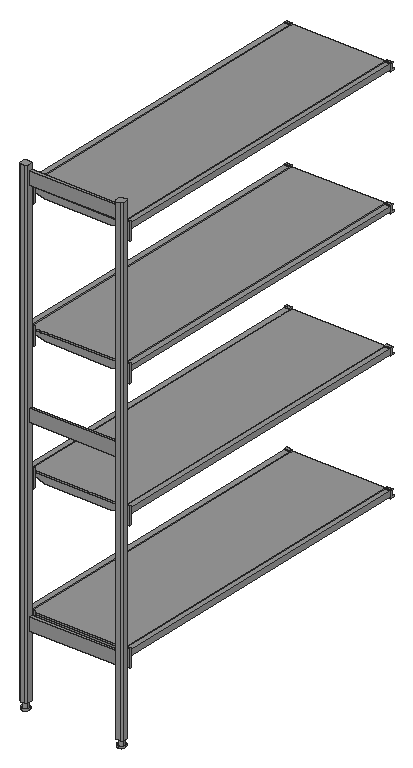
Revit family "QF_ELECTROLUXPROFESSIONAL_137055_ACS1184", category Attrezzature speciali, Revit 2020
Family settings
  Quota connettore circolare = Usa diametro
  Tipo di parte = Normale
  Basato su piano di lavoro = No
  Sempre verticale = Sì
  Taglio con vuoti quando caricato = No
  Condiviso = No
  Punto di calcolo locali = No
Parameters (values of type "Standard")
  Weight = 19.00 kg
  Watts = 0 W
  Volts = 0 V
  URL Manufacturer = "https://www.electroluxprofessional.com/"
  URL = "https://www.electroluxprofessional.com/"
  Steam Supply Size = 0 mm
  Steam Supply Minimum Pressure = 0.0 Pa
  Steam Supply Maximum Pressure = 0.0 Pa
  Steam Consumption per Hour = 0
  Refrigeration Suction Line Size = 0.0 mm
  Refrigeration Liquid Line Size = 0.0 mm
  Refrigerant Compressor Remote = yes
  Prospetto di default = 0.0 mm
  Phase = 0
  Modello = "ACS1184"
  Produttore = "Electrolux Professional"
  Length Actual = 1188.0 mm  # constant formula
  Item Number = "137055"
  Hot Water Size = 0 mm
  Height Actual = 1700.0 mm  # constant formula
  HP = "0 HP"
  Gas Size = 0 mm
  Gas KW = 0
  Gas Input Pressure = 0 W
  Direct Waste Size = 0 mm
  Descrizione = "ALUM.CORNER SHELV.-POLY.TIERS-373X1188MM"
  Depth Actual = 373.0 mm  # constant formula
  Cycle = 0 Hz
  Condensate Return Size = 0 mm
  Compressed Air Volume = 0.0 L/s
  Compressed Air Size = 0 mm
  Compressed Air Pressure = 0.0 Pa
  Cold Water Size = 0 mm
  Accessory = yes
Reference planes
  plane 1: z = 0
  plane 2 "Center (F/B)": y = -163.5
  plane 3 "Front": y = -549.5
  plane 4 "Left": x = -217.5
  plane 5 "Right": x = 155.5
  plane 6 "TOP": z = 1700
  plane 7: y = -517.5
  plane 8: y = 634.5
  plane 9 "Center (Left/Right)": x = -31
  plane 10: y = 629.5
  plane 11: x = -186
  plane 12: x = 124
  plane 13 "FEET": z = 25
  plane 14: z = 275
  plane 15: z = 725
  plane 16: z = 1175
  plane 17: z = 1625
  plane 18 "CXLeft": y = -535.5
  plane 19: x = -200
  plane 20 "CYBack": x = -200
  plane 21 "CYFront": x = 138
  plane 22 "Back": y = 638.5
  plane 23 "LEFT_ORIGIN": x = -251.5
  plane 24 "BACK_Origin": y = 1011.5
Forms (mm)
  Extrusion 1, solid, material "QF_Aluminum"
    sketch origin (0, -549.5, 0) x (-1, 0, 0) y (0, 0, 1)
      loop
        line (198.5, 1650.994) -> (198.5, 1632.998) -> (217.5, 1632.998) -> (217.5, 1650.994) -> (198.5, 1650.994)
      loop
        line (-136.5, 1650.994) -> (-155.5, 1650.994) -> (-155.5, 1632.998) -> (-136.5, 1632.998) -> (-136.5, 1650.994)
      loop
        line (198.5, 1200.994) -> (198.5, 1182.998) -> (217.5, 1182.998) -> (217.5, 1200.994) -> (198.5, 1200.994)
      loop
        line (-136.5, 1200.994) -> (-155.5, 1200.994) -> (-155.5, 1182.998) -> (-136.5, 1182.998) -> (-136.5, 1200.994)
      loop
        line (198.5, 750.994) -> (198.5, 732.998) -> (217.5, 732.998) -> (217.5, 750.994) -> (198.5, 750.994)
      loop
        line (-136.5, 750.994) -> (-155.5, 750.994) -> (-155.5, 732.998) -> (-136.5, 732.998) -> (-136.5, 750.994)
      loop
        line (198.5, 300.994) -> (198.5, 282.998) -> (217.5, 282.998) -> (217.5, 300.994) -> (198.5, 300.994)
      loop
        line (-136.5, 300.994) -> (-155.5, 300.994) -> (-155.5, 282.998) -> (-136.5, 282.998) -> (-136.5, 300.994)
    from 32 to 1184
  Extrusion 2, solid, material "QF_Polyethylene"
    sketch origin (0, -549.5, 0) x (-1, 0, 0) y (0, 0, 1)
      loop
        line (196.507, 1650.994) -> (-134.5, 1650.994) -> (-134.5, 1644.496) -> (196.507, 1644.496) -> (196.507, 1650.994)
      loop
        line (196.507, 1200.994) -> (-134.5, 1200.994) -> (-134.5, 1194.496) -> (196.507, 1194.496) -> (196.507, 1200.994)
      loop
        line (196.507, 750.994) -> (-134.5, 750.994) -> (-134.5, 744.496) -> (196.507, 744.496) -> (196.507, 750.994)
      loop
        line (196.507, 300.994) -> (-134.5, 300.994) -> (-134.5, 294.496) -> (196.507, 294.496) -> (196.507, 300.994)
    from 32 to 1184
Lines and regions (mm)
  symbolic lines
    curve 1: line (-198.5, 634.5, 1700) -> (-198.5, -517.5, 1700)
    curve 2: line (-217.5, -521.5, 1700) -> (-217.5, 634.5, 1700)
    curve 3: line (155.5, -521.5, 1700) -> (155.5, 634.5, 1700)
    curve 4: line (-181.507, -517.5, 1700) -> (119.507, -517.5, 1700)
    curve 5: line (136.5, -517.5, 1700) -> (136.5, 634.5, 1700)
    curve 6: line (-198.5, 634.5, 1700) -> (136.5, 634.5, 1700)
Dimensions and locks
  plane 3 "Front" to plane 2 "Center (F/B)" = 386.0 mm
  locked: plane 6 "TOP" to level at 1700
  locked: plane 4 "Left" to plane 5 "Right" at 373
  locked: plane 7 to plane 8 at 1152
  locked: plane 3 "Front" to plane 7 at 32
  plane 10 to plane 8 = 5.0 mm
  locked: plane 11 to plane 12 at 310
  equal spacing: plane 11, plane 9 "Center (Left/Right)", plane 12
  equal spacing: plane 4 "Left", plane 9 "Center (Left/Right)", plane 5 "Right"
  plane 13 "FEET" to level = 25.0 mm
  plane 6 "TOP" to plane 13 "FEET" = 1675.0 mm
  plane 14 to plane 13 "FEET" = 250.0 mm
  plane 15 to plane 14 = 450.0 mm
  plane 16 to plane 15 = 450.0 mm
  plane 17 to plane 16 = 450.0 mm
  locked: plane 3 "Front" to plane 18 "CXLeft" at 14
  locked: plane 3 "Front" to plane 22 "Back" at 1188
  plane 23 "LEFT_ORIGIN" to plane 5 "Right" = 407.0 mm
  locked: plane 22 "Back" to plane 24 "BACK_Origin" at 373
  aligned and locked: level to plane 1
  aligned and locked: Extrusion 2 to plane 7
  aligned and locked: plane 8 to Extrusion 2
  aligned and locked: Extrusion 1 to plane 7
  aligned and locked: plane 8 to Extrusion 1
  aligned and locked: Extrusion 1 sketch curve to Extrusion 1 sketch curve  (x2)
  aligned and locked: nested 1 to plane 18 "CXLeft"
  aligned and locked: nested 2 to plane 10
Automatic sketch dimensions
  curve 2 to plane 4 "Left" = 0.0 mm
  curve 3 to plane 5 "Right" = 0.0 mm
  plane 7 to curve 1 = 0.0 mm
  plane 7 to curve 4 = 0.0 mm
  plane 7 to curve 5 = 0.0 mm
  plane 8 to curve 2 = 0.0 mm
  plane 8 to curve 1 = 0.0 mm
  plane 8 to curve 3 = 0.0 mm
  plane 21 "CYFront" to curve 5 = 1.5 mm
  plane 19 to curve 6 = 1.5 mm
  plane 7 to curve 3 = 4.0 mm
  plane 7 to curve 2 = 4.0 mm
  plane 12 to curve 4 = 4.493 mm
  curve 4 to plane 11 = 4.493 mm
  plane 5 "Right" to Extrusion 1 sketch curve = 0.0 mm  (x4)
  plane 4 "Left" to Extrusion 1 sketch curve = 0.0 mm  (x4)
  plane 21 "CYFront" to Extrusion 1 sketch curve = 1.5 mm  (x2)
  plane 19 to Extrusion 1 sketch curve = 1.5 mm  (x4)
  plane 14 to Extrusion 1 sketch curve = 7.998 mm  (x2)
  Extrusion 1 sketch curve to Extrusion 1 sketch curve = 17.997 mm  (x8)
  plane 15 to Extrusion 1 sketch curve = 7.998 mm  (x2)
  plane 16 to Extrusion 1 sketch curve = 7.998 mm  (x2)
  plane 17 to Extrusion 1 sketch curve = 7.998 mm  (x2)
  plane 21 "CYFront" to Extrusion 2 sketch curve = 3.5 mm  (x4)
  plane 19 to Extrusion 2 sketch curve = 3.493 mm  (x4)
  plane 14 to Extrusion 2 sketch curve = 19.496 mm
  Extrusion 2 sketch curve to Extrusion 2 sketch curve = 6.499 mm  (x4)
  plane 15 to Extrusion 2 sketch curve = 19.496 mm
  plane 16 to Extrusion 2 sketch curve = 19.496 mm
  plane 17 to Extrusion 2 sketch curve = 19.496 mm
Nested families
  nested 1: "WT_Anta373" at (-194.5, -132.5, 0) x (0, 1, 0) z (0, 0, 1), type "WT_Anta373"
  nested 2: "WT_Aggancio373" at (-194.5, 1046.5, 0) x (0, 1, 0) z (0, 0, 1), type "WT_Aggancio373"
Definition of nested family "WT_Anta373"
  Parameters
    WidthLeft = A + 64.0 mm  # 772.0 mm
    Width = 1606.0 mm
    Right = WidthLeft / 2  # 386.0 mm
    Default Elevation = 0.0 mm
    Left = -WidthLeft / 2  # -386.0 mm
    Height = 1725.0 mm
    FEET = 25.0 mm
    E = 0.0 mm
    Dint = Depth - 63.0 mm  # 310.0 mm
    Dext = Depth - 8.0 mm  # 365.0 mm
    Depth = 373.0 mm
    DX = (WidthLeft - A) / 2  # 32.0 mm
    B = 798.0 mm
    A = 708.0 mm
  Reference planes
    plane 1: z = 0
    plane 2 "LEFT": x = -417
    plane 3 "BACK": y = 23
    plane 4 "FRONT": y = -350
    plane 5 "TOP": z = 1725
    plane 6 "Center (Front/Back)": y = -163.5
    plane 7: y = -8.5
    plane 8: y = -318.5
    plane 9 "FEET": z = 25
    plane 10: z = 275
    plane 11: z = 725
    plane 12: z = 1175
    plane 13: z = 1625
    plane 14 "CXLeft": x = -403
    plane 15: y = 5.5
    plane 16 "CYBack": y = 5.5
    plane 17 "CYFront": y = -332.5
    plane 18: x = -385.031
    plane 19: x = -380.031
  Forms (mm)
    Extrusion 1, solid
      sketch origin (0, 0, 0) x (1, 0, 0) y (0, 1, 0)
        loop
          line (-417, 13.246) -> (-417, -2.246) -> (-410.746, -8.5) -> (-395.254, -8.5) -> (-389, -2.246) -> (-389, 13.246) -> (-395.254, 19.5) -> (-410.746, 19.5) -> (-417, 13.246)
      from 1725 to 25
    Extrusion 2, solid
      sketch origin (-417, 0, 0) x (0, 1, 0) y (0, 0, 1)
        loop
          line (23, 246.005) -> (23, 307.993) -> (-12.993, 307.993) -> (-12.993, 246.005) -> (23, 246.005)
        loop
          line (-350, 246.005) -> (-314.007, 246.005) -> (-314.007, 307.993) -> (-350, 307.993) -> (-350, 246.005)
        loop
          line (23, 696.005) -> (23, 757.993) -> (-12.993, 757.993) -> (-12.993, 696.005) -> (23, 696.005)
        loop
          line (-350, 696.005) -> (-314.007, 696.005) -> (-314.007, 757.993) -> (-350, 757.993) -> (-350, 696.005)
        loop
          line (23, 1146.005) -> (23, 1207.993) -> (-12.993, 1207.993) -> (-12.993, 1146.005) -> (23, 1146.005)
        loop
          line (-350, 1146.005) -> (-314.007, 1146.005) -> (-314.007, 1207.993) -> (-350, 1207.993) -> (-350, 1146.005)
        loop
          line (23, 1596.005) -> (23, 1657.993) -> (-12.993, 1657.993) -> (-12.993, 1596.005) -> (23, 1596.005)
        loop
          line (-350, 1596.005) -> (-314.007, 1596.005) -> (-314.007, 1657.993) -> (-350, 1657.993) -> (-350, 1596.005)
      from 28 to 32
    Revolve 3, solid
      sketch origin (-403, 0, 0) x (0, 1, 0) y (0, 0, 1)
        loop
          line (5.5, 25) -> (5.5, 0) -> (19, 0) -> (19, 5) -> (14, 5) -> (14, 25) -> (5.5, 25)
        axis (5.5, 25) -> (5.5, 0)
      angle from 0 to 360
    Extrusion 4, solid
      sketch origin (-403, 0, 0) x (0, 1, 0) y (0, 0, 1)
        loop
          line (-8.5, 912.382) -> (-8.5, 957.374) -> (-318.5, 957.374) -> (-318.5, 912.382) -> (-8.5, 912.382)
        loop
          line (-8.5, 1662.244) -> (-8.5, 1707.236) -> (-318.5, 1707.236) -> (-318.5, 1662.244) -> (-8.5, 1662.244)
      from -5 to 5
    Revolve 5, solid
      sketch origin (-403, -627, 0) x (0, -1, 0) y (0, 0, 1)
        loop
          line (-294.5, 25) -> (-294.5, 0) -> (-281, 0) -> (-281, 5) -> (-286, 5) -> (-286, 25) -> (-294.5, 25)
        axis (-294.5, 25) -> (-294.5, 0)
      angle from 0 to 360
    Extrusion 6, solid
      sketch origin (0, -627, 0) x (1, 0, 0) y (0, 1, 0)
        loop
          line (-417, 286.754) -> (-410.746, 280.5) -> (-395.254, 280.5) -> (-389, 286.754) -> (-389, 302.246) -> (-395.254, 308.5) -> (-410.746, 308.5) -> (-417, 302.246) -> (-417, 286.754)
      from 1725 to 25
    Extrusion 7, solid
      sketch origin (-417.031, -0.022, 0) x (0, 1, 0) y (0, 0, -1)
        loop
          line (-12, -1632.998) -> (-46, -1620.994) -> (-281, -1620.994) -> (-315, -1632.998) -> (-331, -1632.998) -> (-331, -1650.994) -> (-329, -1650.994) -> (-329, -1644.496) -> (2.007, -1644.496) -> (2.007, -1650.994) -> (4, -1650.994) -> (4, -1632.998) -> (-12, -1632.998)
        loop
          line (-12, -1182.998) -> (-46, -1170.994) -> (-281, -1170.994) -> (-315, -1182.998) -> (-331, -1182.998) -> (-331, -1200.994) -> (-329, -1200.994) -> (-329, -1194.496) -> (2.007, -1194.496) -> (2.007, -1200.994) -> (4, -1200.994) -> (4, -1182.998) -> (-12, -1182.998)
        loop
          line (-12, -732.998) -> (-46, -720.994) -> (-281, -720.994) -> (-315, -732.998) -> (-331, -732.998) -> (-331, -750.994) -> (-329, -750.994) -> (-329, -744.496) -> (2.007, -744.496) -> (2.007, -750.994) -> (4, -750.994) -> (4, -732.998) -> (-12, -732.998)
        loop
          line (-12, -282.998) -> (-46, -270.994) -> (-281, -270.994) -> (-315, -282.998) -> (-331, -282.998) -> (-331, -300.994) -> (-329, -300.994) -> (-329, -294.496) -> (2.007, -294.496) -> (2.007, -300.994) -> (4, -300.994) -> (4, -282.998) -> (-12, -282.998)
      from -32 to -37
    Extrusion 8, solid
      sketch origin (-403, 0, -659.878) x (0, 1, 0) y (0, 0, 1)
        loop
          line (-8.5, 912.382) -> (-8.5, 957.374) -> (-318.5, 957.374) -> (-318.5, 912.382) -> (-8.5, 912.382)
        loop
          line (-8.5, 1572.382) -> (-8.5, 1617.374) -> (-318.5, 1617.374) -> (-318.5, 1572.382) -> (-8.5, 1572.382)
        loop
          line (-8.5, 2322.382) -> (-8.5, 2367.374) -> (-318.5, 2367.374) -> (-318.5, 2322.382) -> (-8.5, 2322.382)
      from -5 to 5
  Lines and regions (mm)
    symbolic lines
      curve 1: line (-408, -8.5, 1725) -> (-408, -318.5, 1725)
      curve 2: line (-398, -318.5, 1725) -> (-398, -8.5, 1725)
      curve 3: line (-395.254, -8.5, 1725) -> (-410.746, -8.5, 1725)
      curve 4: line (-417, -2.246, 1725) -> (-410.746, -8.5, 1725)
      curve 5: line (-417, 13.246, 1725) -> (-417, -2.246, 1725)
      curve 6: line (-410.746, 19.5, 1725) -> (-417, 13.246, 1725)
      curve 7: line (-395.254, 19.5, 1725) -> (-410.746, 19.5, 1725)
      curve 8: line (-389, 13.246, 1725) -> (-395.254, 19.5, 1725)
      curve 9: line (-395.254, -8.5, 1725) -> (-389, -2.246, 1725)
      curve 10: line (-395.254, -318.5, 1725) -> (-410.746, -318.5, 1725)
      curve 11: line (-417, -324.754, 1725) -> (-410.746, -318.5, 1725)
      curve 12: line (-410.746, -346.5, 1725) -> (-417, -340.246, 1725)
      curve 13: line (-395.254, -346.5, 1725) -> (-410.746, -346.5, 1725)
      curve 14: line (-389, -340.246, 1725) -> (-395.254, -346.5, 1725)
      curve 15: line (-395.254, -318.5, 1725) -> (-389, -324.754, 1725)
      curve 16: line (-389, -350, 1725) -> (-389, -314.007, 1725)
      curve 17: line (-389, -314.007, 1725) -> (-385, -314.007, 1725)
      curve 18: line (-389, 23, 1725) -> (-389, -12.993, 1725)
      curve 19: line (-389, -12.993, 1725) -> (-385, -12.993, 1725)
      curve 20: line (-417, -324.754, 1725) -> (-417, -340.246, 1725)
      curve 21: line (-385, -350, 1725) -> (-385, -314.007, 1725)
      curve 22: line (-385, -350, 1725) -> (-389, -350, 1725)
      curve 23: line (-385, 23, 1725) -> (-389, 23, 1725)
      curve 24: line (-385, -12.993, 1725) -> (-385, 23, 1725)
      curve 25: line (-385.031, -13.016, 1725) -> (-385.031, -314.029, 1725)
  Dimensions and locks
    "Height": plane 5 "TOP" to level
    "Depth": plane 3 "BACK" to plane 4 "FRONT"
    "Dint": plane 7 to plane 8
    equal spacing: plane 7, plane 6 "Center (Front/Back)", plane 8
    equal spacing: plane 3 "BACK", plane 6 "Center (Front/Back)", plane 4 "FRONT"
    plane 9 "FEET" to level = 25.0 mm
    plane 5 "TOP" to plane 9 "FEET" = 1700.0 mm
    plane 10 to plane 9 "FEET" = 250.0 mm
    plane 11 to plane 10 = 450.0 mm
    plane 12 to plane 11 = 450.0 mm
    plane 13 to plane 12 = 450.0 mm
    locked: plane 2 "LEFT" to plane 14 "CXLeft" at 14
    locked: plane 3 "BACK" to plane 16 "CYBack" at 17.5
    locked: plane 17 "CYFront" to plane 4 "FRONT" at 17.5
    locked: Revolve 3 sketch curve to Revolve 3 sketch curve at 8.5
    locked: Revolve 3 sketch curve to plane 16 "CYBack" at 13.5
    locked: Revolve 5 sketch curve to Revolve 5 sketch curve at 8.5
    aligned and locked: level to plane 1
    aligned and locked: curve 20 to Extrusion 6
    aligned and locked: plane 5 "TOP" to Extrusion 1
    aligned and locked: plane 5 "TOP" to Extrusion 6
    aligned and locked: Extrusion 7 sketch curve to Extrusion 7 sketch curve  (x3)
  Automatic sketch dimensions
    curve 16 to plane 4 "FRONT" = 0.0 mm
    curve 11 to plane 8 = 0.0 mm
    curve 9 to plane 7 = 0.0 mm
    curve 5 to plane 2 "LEFT" = 0.0 mm
    curve 23 to plane 3 "BACK" = 0.0 mm
    plane 4 "FRONT" to curve 13 = 3.5 mm
    curve 20 to plane 17 "CYFront" = 7.746 mm
    curve 20 to plane 8 = 6.254 mm
    plane 8 to curve 16 = 4.493 mm
    curve 24 to plane 18 = 0.031 mm
    curve 24 to plane 7 = 4.493 mm
    plane 7 to curve 5 = 6.254 mm
    curve 5 to plane 15 = 7.746 mm
    curve 6 to plane 3 "BACK" = 3.5 mm
    curve 21 to plane 18 = 0.031 mm
    plane 18 to curve 23 = 3.969 mm
    plane 18 to curve 16 = 3.969 mm
    curve 18 to curve 8 = 6.254 mm
    curve 18 to curve 3 = 6.254 mm
    curve 16 to curve 13 = 6.254 mm
    curve 16 to curve 15 = 6.254 mm
    plane 2 "LEFT" to curve 10 = 6.254 mm
    plane 2 "LEFT" to curve 7 = 6.254 mm
    plane 2 "LEFT" to curve 12 = 6.254 mm
    plane 2 "LEFT" to curve 3 = 6.254 mm
    curve 14 to plane 17 "CYFront" = 7.746 mm
    curve 15 to plane 8 = 6.254 mm
    plane 7 to curve 9 = 6.254 mm
    curve 8 to plane 15 = 7.746 mm
    curve 3 to curve 2 = 2.746 mm
    curve 1 to curve 10 = 2.746 mm
    Extrusion 1 sketch curve to plane 2 "LEFT" = 0.0 mm
    Extrusion 1 sketch curve to plane 7 = 0.0 mm
    plane 2 "LEFT" to Extrusion 1 sketch curve = 6.254 mm  (x2)
    plane 14 "CXLeft" to Extrusion 1 sketch curve = 7.746 mm  (x2)
    Extrusion 1 sketch curve to plane 3 "BACK" = 3.5 mm
    plane 18 to Extrusion 1 sketch curve = 3.969 mm
    plane 7 to Extrusion 1 sketch curve = 6.254 mm  (x2)
    Extrusion 1 sketch curve to plane 15 = 7.746 mm  (x2)
    Extrusion 2 sketch curve to plane 4 "FRONT" = 0.0 mm  (x4)
    Extrusion 2 sketch curve to plane 3 "BACK" = 0.0 mm  (x4)
    plane 8 to Extrusion 2 sketch curve = 4.493 mm  (x4)
    Extrusion 2 sketch curve to plane 7 = 4.493 mm  (x4)
    Extrusion 2 sketch curve to plane 10 = 28.995 mm  (x2)
    plane 10 to Extrusion 2 sketch curve = 32.993 mm  (x2)
    Extrusion 2 sketch curve to plane 11 = 28.995 mm  (x2)
    plane 11 to Extrusion 2 sketch curve = 32.993 mm  (x2)
    Extrusion 2 sketch curve to plane 12 = 28.995 mm  (x2)
    plane 12 to Extrusion 2 sketch curve = 32.993 mm  (x2)
    Extrusion 2 sketch curve to plane 13 = 28.995 mm  (x2)
    plane 13 to Extrusion 2 sketch curve = 32.993 mm  (x2)
    Revolve 3 sketch curve to plane 9 "FEET" = 0.0 mm  (x2)
    Revolve 3 sketch curve to plane 15 = 0.0 mm  (x2)
    Revolve 3 sketch curve to level = 0.0 mm
    level to Revolve 3 sketch curve = 5.0 mm
    Revolve 3 sketch curve to Revolve 3 sketch curve = 11.655 mm
    Extrusion 4 sketch curve to plane 8 = 0.0 mm  (x2)
    Extrusion 4 sketch curve to plane 7 = 0.0 mm  (x2)
    plane 11 to Extrusion 4 sketch curve = 187.382 mm
    Extrusion 4 sketch curve to Extrusion 4 sketch curve = 44.992 mm
    plane 13 to Extrusion 4 sketch curve = 37.244 mm
    Extrusion 4 sketch curve to plane 5 "TOP" = 17.764 mm
    Revolve 5 sketch curve to plane 9 "FEET" = 0.0 mm  (x2)
    Revolve 5 sketch curve to plane 17 "CYFront" = 0.0 mm  (x2)
    Revolve 5 sketch curve to level = 0.0 mm
    Revolve 5 sketch curve to plane 4 "FRONT" = 4.0 mm
    Revolve 5 sketch curve to Revolve 5 sketch curve = 5.0 mm
    level to Revolve 5 sketch curve = 11.655 mm
    Extrusion 6 sketch curve to plane 2 "LEFT" = 0.0 mm
    Extrusion 6 sketch curve to plane 8 = 0.0 mm
    Extrusion 6 sketch curve to plane 2 "LEFT" = 6.254 mm  (x2)
    Extrusion 6 sketch curve to plane 14 "CXLeft" = 7.746 mm  (x2)
    Extrusion 6 sketch curve to plane 4 "FRONT" = 3.5 mm
    Extrusion 6 sketch curve to plane 18 = 3.969 mm
    plane 8 to Extrusion 6 sketch curve = 6.254 mm  (x2)
    plane 17 "CYFront" to Extrusion 6 sketch curve = 7.746 mm  (x2)
    plane 17 "CYFront" to Extrusion 7 sketch curve = 1.478 mm  (x4)
    Extrusion 7 sketch curve to Extrusion 7 sketch curve = 2.0 mm
    plane 8 to Extrusion 7 sketch curve = 3.478 mm  (x4)
    Extrusion 7 sketch curve to plane 10 = 4.006 mm
    Extrusion 7 sketch curve to Extrusion 7 sketch curve = 34.0 mm  (x4)
    Extrusion 7 sketch curve to plane 11 = 4.006 mm
    Extrusion 7 sketch curve to plane 12 = 4.006 mm
    Extrusion 7 sketch curve to plane 13 = 4.006 mm
    Extrusion 7 sketch curve to plane 7 = 37.522 mm  (x4)
    Extrusion 7 sketch curve to plane 7 = 3.522 mm  (x4)
    plane 15 to Extrusion 7 sketch curve = 3.516 mm  (x4)
    plane 15 to Extrusion 7 sketch curve = 1.522 mm  (x4)
    plane 13 to Extrusion 7 sketch curve = 7.998 mm  (x2)
    Extrusion 7 sketch curve to Extrusion 7 sketch curve = 11.498 mm
    Extrusion 7 sketch curve to Extrusion 7 sketch curve = 6.499 mm  (x5)
    plane 12 to Extrusion 7 sketch curve = 25.994 mm  (x2)
    plane 12 to Extrusion 7 sketch curve = 7.998 mm  (x2)
    plane 11 to Extrusion 7 sketch curve = 25.994 mm  (x2)
    plane 11 to Extrusion 7 sketch curve = 7.998 mm  (x2)
    plane 10 to Extrusion 7 sketch curve = 25.994 mm  (x2)
    plane 10 to Extrusion 7 sketch curve = 7.998 mm  (x2)
    curve 25 to plane 18 = 0.0 mm
    plane 8 to curve 25 = 4.471 mm
    curve 25 to plane 7 = 4.516 mm
    Extrusion 8 sketch curve to plane 8 = 0.0 mm  (x3)
    Extrusion 8 sketch curve to plane 7 = 0.0 mm  (x3)
    Extrusion 8 sketch curve to plane 10 = 22.496 mm
    plane 10 to Extrusion 8 sketch curve = 22.496 mm
    plane 11 to Extrusion 8 sketch curve = 187.504 mm
    Extrusion 8 sketch curve to Extrusion 8 sketch curve = 44.992 mm
    plane 13 to Extrusion 8 sketch curve = 37.504 mm
    Extrusion 8 sketch curve to plane 5 "TOP" = 17.504 mm
Definition of nested family "WT_Aggancio373"
  Parameters
    WidthLeft = A + 64.0 mm  # 772.0 mm
    Width = 1606.0 mm
    Right = WidthLeft / 2  # 386.0 mm
    Default Elevation = 0.0 mm
    Left = -WidthLeft / 2  # -386.0 mm
    Height = 1725.0 mm
    FEET = 25.0 mm
    E = 0.0 mm
    Dint = Depth - 63.0 mm  # 310.0 mm
    Dext = Depth - 8.0 mm  # 365.0 mm
    Depth = 373.0 mm
    DX = (WidthLeft - A) / 2  # 32.0 mm
    B = 798.0 mm
    A = 708.0 mm
  Reference planes
    plane 1: z = 0
    plane 2 "LEFT": x = -417
    plane 3 "BACK": y = 23
    plane 4 "FRONT": y = -350
    plane 5 "TOP": z = 1725
    plane 6 "Center (Front/Back)": y = -163.5
    plane 7: y = -8.5
    plane 8: y = -318.5
    plane 9 "FEET": z = 25
    plane 10: z = 275
    plane 11: z = 725
    plane 12: z = 1175
    plane 13: z = 1625
    plane 14: y = 5.5
    plane 15 "CYBack": y = 5.5
    plane 16 "CYFront": y = -332.5
  Forms (mm)
    Extrusion 1, solid
      sketch origin (-380, -0.022, 0) x (0, 1, 0) y (0, 0, 1)
        loop
          line (-12, 1632.998) -> (4, 1632.998) -> (4, 1650.994) -> (2.007, 1650.994) -> (2.007, 1644.496) -> (-329, 1644.496) -> (-329, 1650.994) -> (-331, 1650.994) -> (-331, 1632.998) -> (-315, 1632.998) -> (-281, 1620.994) -> (-46, 1620.994) -> (-12, 1632.998)
        loop
          line (-12, 1182.998) -> (4, 1182.998) -> (4, 1200.994) -> (2.007, 1200.994) -> (2.007, 1194.496) -> (-329, 1194.496) -> (-329, 1200.994) -> (-331, 1200.994) -> (-331, 1182.998) -> (-315, 1182.998) -> (-281, 1170.994) -> (-46, 1170.994) -> (-12, 1182.998)
        loop
          line (-12, 732.998) -> (4, 732.998) -> (4, 750.994) -> (2.007, 750.994) -> (2.007, 744.496) -> (-329, 744.496) -> (-329, 750.994) -> (-331, 750.994) -> (-331, 732.998) -> (-315, 732.998) -> (-281, 720.994) -> (-46, 720.994) -> (-12, 732.998)
        loop
          line (-12, 282.998) -> (4, 282.998) -> (4, 300.994) -> (2.007, 300.994) -> (2.007, 294.496) -> (-329, 294.496) -> (-329, 300.994) -> (-331, 300.994) -> (-331, 282.998) -> (-315, 282.998) -> (-281, 270.994) -> (-46, 270.994) -> (-12, 282.998)
      from -32 to -37
    Extrusion 2, solid
      sketch origin (-793.062, -324.754, 6.5) x (1, 0, 0) y (0, 0, 1)
        loop
          line (385.062, 1644.496) -> (385.062, 1647.496) -> (376.062, 1647.496) -> (376.062, 1620.994) -> (390.031, 1620.994) -> (390.031, 1626.496) -> (381.062, 1626.496) -> (381.062, 1644.496) -> (385.062, 1644.496)
        loop
          line (385.062, 1194.496) -> (385.062, 1197.496) -> (376.062, 1197.496) -> (376.062, 1170.994) -> (390.031, 1170.994) -> (390.031, 1176.496) -> (381.062, 1176.496) -> (381.062, 1194.496) -> (385.062, 1194.496)
        loop
          line (385.062, 744.496) -> (385.062, 747.496) -> (376.062, 747.496) -> (376.062, 720.994) -> (390.031, 720.994) -> (390.031, 726.496) -> (381.062, 726.496) -> (381.062, 744.496) -> (385.062, 744.496)
        loop
          line (385.062, 294.496) -> (385.062, 297.496) -> (376.062, 297.496) -> (376.062, 270.994) -> (390.031, 270.994) -> (390.031, 276.496) -> (381.062, 276.496) -> (381.062, 294.496) -> (385.062, 294.496)
      from 6.268 to 25.246
    Extrusion 3, solid
      sketch origin (-793.062, 32.754, 6.5) x (1, 0, 0) y (0, 0, 1)
        loop
          line (385.062, 1644.496) -> (385.062, 1647.496) -> (376.062, 1647.496) -> (376.062, 1620.994) -> (390.031, 1620.994) -> (390.031, 1626.496) -> (381.062, 1626.496) -> (381.062, 1644.496) -> (385.062, 1644.496)
        loop
          line (385.062, 1194.496) -> (385.062, 1197.496) -> (376.062, 1197.496) -> (376.062, 1170.994) -> (390.031, 1170.994) -> (390.031, 1176.496) -> (381.062, 1176.496) -> (381.062, 1194.496) -> (385.062, 1194.496)
        loop
          line (385.062, 744.496) -> (385.062, 747.496) -> (376.062, 747.496) -> (376.062, 720.994) -> (390.031, 720.994) -> (390.031, 726.496) -> (381.062, 726.496) -> (381.062, 744.496) -> (385.062, 744.496)
        loop
          line (385.062, 294.496) -> (385.062, 297.496) -> (376.062, 297.496) -> (376.062, 270.994) -> (390.031, 270.994) -> (390.031, 276.496) -> (381.062, 276.496) -> (381.062, 294.496) -> (385.062, 294.496)
      from 9.754 to 28.776
  Lines and regions (mm)
    symbolic lines
      curve 1: line (-412, -350, 0) -> (-408, -350, 0)
      curve 2: line (-412, -331.022, 0) -> (-412, -350, 0)
      curve 3: line (-408, -331.022, 0) -> (-412, -331.022, 0)
      curve 4: line (-408, -350, 0) -> (-408, -331.022, 0)
      curve 5: line (-412, 3.978, 0) -> (-408, 3.978, 0)
      curve 6: line (-412, 23, 0) -> (-412, 3.978, 0)
      curve 7: line (-408, 23, 0) -> (-412, 23, 0)
      curve 8: line (-408, 3.978, 0) -> (-408, 23, 0)
  Dimensions and locks
    "Height": plane 5 "TOP" to level
    "Depth": plane 3 "BACK" to plane 4 "FRONT"
    "Dint": plane 7 to plane 8
    equal spacing: plane 7, plane 6 "Center (Front/Back)", plane 8
    equal spacing: plane 3 "BACK", plane 6 "Center (Front/Back)", plane 4 "FRONT"
    plane 9 "FEET" to level = 25.0 mm
    plane 5 "TOP" to plane 9 "FEET" = 1700.0 mm
    plane 10 to plane 9 "FEET" = 250.0 mm
    plane 11 to plane 10 = 450.0 mm
    plane 12 to plane 11 = 450.0 mm
    plane 13 to plane 12 = 450.0 mm
    locked: plane 3 "BACK" to plane 15 "CYBack" at 17.5
    locked: plane 16 "CYFront" to plane 4 "FRONT" at 17.5
    aligned and locked: level to plane 1
    aligned and locked: Extrusion 1 sketch curve to Extrusion 1 sketch curve  (x3)
  Automatic sketch dimensions
    plane 16 "CYFront" to Extrusion 1 sketch curve = 1.478 mm  (x4)
    Extrusion 1 sketch curve to Extrusion 1 sketch curve = 2.0 mm
    plane 8 to Extrusion 1 sketch curve = 3.478 mm  (x4)
    Extrusion 1 sketch curve to plane 10 = 4.006 mm
    Extrusion 1 sketch curve to Extrusion 1 sketch curve = 34.0 mm  (x4)
    Extrusion 1 sketch curve to plane 11 = 4.006 mm
    Extrusion 1 sketch curve to plane 12 = 4.006 mm
    Extrusion 1 sketch curve to plane 13 = 4.006 mm
    Extrusion 1 sketch curve to plane 7 = 37.522 mm  (x4)
    Extrusion 1 sketch curve to plane 7 = 3.522 mm  (x4)
    plane 14 to Extrusion 1 sketch curve = 3.516 mm  (x4)
    plane 14 to Extrusion 1 sketch curve = 1.522 mm  (x4)
    plane 10 to Extrusion 1 sketch curve = 7.998 mm  (x2)
    Extrusion 1 sketch curve to Extrusion 1 sketch curve = 11.498 mm  (x4)
    Extrusion 1 sketch curve to Extrusion 1 sketch curve = 6.499 mm  (x8)
    plane 11 to Extrusion 1 sketch curve = 7.998 mm  (x2)
    plane 12 to Extrusion 1 sketch curve = 7.998 mm  (x2)
    plane 13 to Extrusion 1 sketch curve = 7.998 mm  (x2)
    plane 2 "LEFT" to Extrusion 2 sketch curve = 0.0 mm  (x4)
    plane 13 to Extrusion 2 sketch curve = 7.996 mm
    plane 11 to Extrusion 2 sketch curve = 7.996 mm
    Extrusion 2 sketch curve to Extrusion 2 sketch curve = 5.0 mm  (x4)
    plane 11 to Extrusion 2 sketch curve = 2.494 mm
    plane 10 to Extrusion 2 sketch curve = 28.996 mm
    Extrusion 2 sketch curve to Extrusion 2 sketch curve = 3.0 mm  (x4)
    plane 10 to Extrusion 2 sketch curve = 7.996 mm
    plane 10 to Extrusion 2 sketch curve = 2.494 mm
    Extrusion 2 sketch curve to Extrusion 2 sketch curve = 18.0 mm  (x3)
    plane 12 to Extrusion 2 sketch curve = 2.494 mm
    plane 12 to Extrusion 2 sketch curve = 7.996 mm
    plane 13 to Extrusion 2 sketch curve = 2.494 mm
    plane 2 "LEFT" to Extrusion 3 sketch curve = 0.0 mm  (x4)
    plane 13 to Extrusion 3 sketch curve = 7.996 mm
    plane 11 to Extrusion 3 sketch curve = 7.996 mm
    Extrusion 3 sketch curve to Extrusion 3 sketch curve = 5.0 mm  (x4)
    plane 11 to Extrusion 3 sketch curve = 2.494 mm
    plane 10 to Extrusion 3 sketch curve = 28.996 mm
    Extrusion 3 sketch curve to Extrusion 3 sketch curve = 3.0 mm  (x4)
    plane 10 to Extrusion 3 sketch curve = 7.996 mm
    plane 10 to Extrusion 3 sketch curve = 2.494 mm
    Extrusion 3 sketch curve to Extrusion 3 sketch curve = 18.0 mm  (x3)
    plane 12 to Extrusion 3 sketch curve = 2.494 mm
    plane 12 to Extrusion 3 sketch curve = 7.996 mm
    plane 13 to Extrusion 3 sketch curve = 2.494 mm
    plane 2 "LEFT" to curve 1 = 5.0 mm
    plane 2 "LEFT" to curve 7 = 5.0 mm
    curve 1 to plane 16 "CYFront" = 17.5 mm
    curve 3 to plane 8 = 12.522 mm
    plane 7 to curve 5 = 12.478 mm
    curve 7 to plane 14 = 17.5 mm
    curve 5 to curve 5 = 4.0 mm
    curve 1 to curve 4 = 4.0 mm
    Extrusion 2 sketch curve to Extrusion 2 sketch curve = 4.0 mm  (x4)
    Extrusion 2 sketch curve to Extrusion 2 sketch curve = 8.969 mm  (x4)
    Extrusion 3 sketch curve to Extrusion 3 sketch curve = 4.0 mm  (x4)
    Extrusion 3 sketch curve to Extrusion 3 sketch curve = 8.969 mm  (x4)
